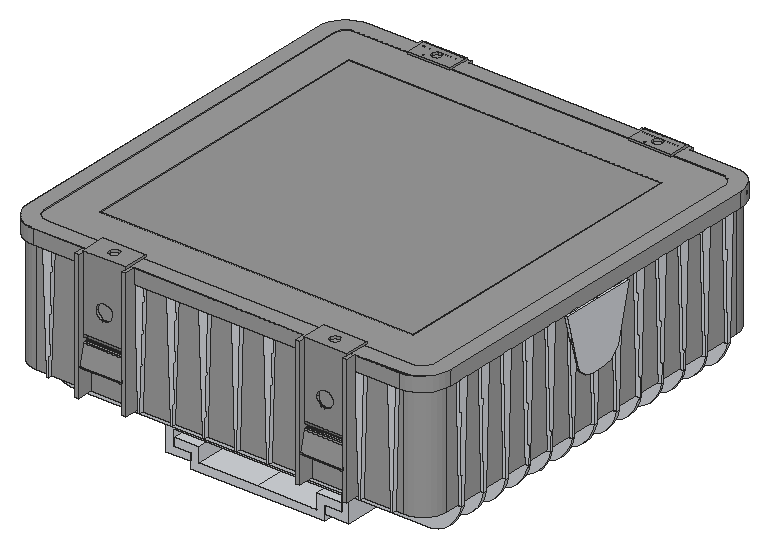
Revit family "BL726LEDHT - 2015", category Lighting Fixtures, host Face, Revit 2017 (continued)
Definition of nested family "BOX MIDI"
  Definition of nested family "LED BOARD"
    Forms (in)
      Extrusion 72, solid, material <- "LED CHIP"
        sketch origin (2.68304, 0.26805, 0) x (1, 0, 0) y (0, 1, 0)
          loop
            line (-3.31571, 0.06163) -> (-3.31571, -0.05781) -> (-3.18632, -0.05781) -> (-3.18632, 0.06163) -> (-3.31571, 0.06163)
        from 6.75806 to 6.78035
      Extrusion 73, solid, material <- "LED CHIP"
        sketch origin (2.68304, -0.26805, 0) x (1, 0, 0) y (0, 1, 0)
          loop
            line (-3.31571, -0.06163) -> (-3.18632, -0.06163) -> (-3.18632, 0.05781) -> (-3.31571, 0.05781) -> (-3.31571, -0.06163)
        from 6.75806 to 6.78035
      Extrusion 74, solid, material <- "LED CHIP"
        sketch origin (2.91023, 0, 0) x (1, 0, 0) y (0, 1, 0)
          loop
            line (-3.31571, 0.06163) -> (-3.31571, -0.05781) -> (-3.18632, -0.05781) -> (-3.18632, 0.06163) -> (-3.31571, 0.06163)
        from 6.75806 to 6.78035
      Extrusion 75, solid, material <- "LED CHIP"
        sketch origin (2.91023, 0.26805, 0) x (1, 0, 0) y (0, 1, 0)
          loop
            line (-3.31571, 0.06163) -> (-3.31571, -0.05781) -> (-3.18632, -0.05781) -> (-3.18632, 0.06163) -> (-3.31571, 0.06163)
        from 6.75806 to 6.78035
      Extrusion 76, solid, material <- "LED CHIP"
        sketch origin (2.91023, -0.26805, 0) x (1, 0, 0) y (0, 1, 0)
          loop
            line (-3.31571, -0.06163) -> (-3.18632, -0.06163) -> (-3.18632, 0.05781) -> (-3.31571, 0.05781) -> (-3.31571, -0.06163)
        from 6.75806 to 6.78035
      Extrusion 77, solid, material <- "LED CHIP"
        sketch origin (3.13742, 0, 0) x (1, 0, 0) y (0, 1, 0)
          loop
            line (-3.31571, 0.06163) -> (-3.31571, -0.05781) -> (-3.18632, -0.05781) -> (-3.18632, 0.06163) -> (-3.31571, 0.06163)
        from 6.75806 to 6.78035
      Extrusion 78, solid, material <- "LED CHIP"
        sketch origin (3.13742, 0.26805, 0) x (1, 0, 0) y (0, 1, 0)
          loop
            line (-3.31571, 0.06163) -> (-3.31571, -0.05781) -> (-3.18632, -0.05781) -> (-3.18632, 0.06163) -> (-3.31571, 0.06163)
        from 6.75806 to 6.78035
      Extrusion 79, solid, material <- "LED CHIP"
        sketch origin (3.13742, -0.26805, 0) x (1, 0, 0) y (0, 1, 0)
          loop
            line (-3.31571, -0.06163) -> (-3.18632, -0.06163) -> (-3.18632, 0.05781) -> (-3.31571, 0.05781) -> (-3.31571, -0.06163)
        from 6.75806 to 6.78035
      Extrusion 80, solid, material <- "LED CHIP"
        sketch origin (3.36461, 0, 0) x (1, 0, 0) y (0, 1, 0)
          loop
            line (-3.31571, 0.06163) -> (-3.31571, -0.05781) -> (-3.18632, -0.05781) -> (-3.18632, 0.06163) -> (-3.31571, 0.06163)
        from 6.75806 to 6.78035
      Extrusion 81, solid, material <- "LED CHIP"
        sketch origin (3.36461, 0.26805, 0) x (1, 0, 0) y (0, 1, 0)
          loop
            line (-3.31571, 0.06163) -> (-3.31571, -0.05781) -> (-3.18632, -0.05781) -> (-3.18632, 0.06163) -> (-3.31571, 0.06163)
        from 6.75806 to 6.78035
      Extrusion 82, solid, material <- "LED CHIP"
        sketch origin (3.36461, -0.26805, 0) x (1, 0, 0) y (0, 1, 0)
          loop
            line (-3.31571, -0.06163) -> (-3.18632, -0.06163) -> (-3.18632, 0.05781) -> (-3.31571, 0.05781) -> (-3.31571, -0.06163)
        from 6.75806 to 6.78035
      Extrusion 83, solid, material <- "LED CHIP"
        sketch origin (3.5918, 0, 0) x (1, 0, 0) y (0, 1, 0)
          loop
            line (-3.31571, 0.06163) -> (-3.31571, -0.05781) -> (-3.18632, -0.05781) -> (-3.18632, 0.06163) -> (-3.31571, 0.06163)
        from 6.75806 to 6.78035
      Extrusion 84, solid, material <- "LED CHIP"
        sketch origin (3.5918, 0.26805, 0) x (1, 0, 0) y (0, 1, 0)
          loop
            line (-3.31571, 0.06163) -> (-3.31571, -0.05781) -> (-3.18632, -0.05781) -> (-3.18632, 0.06163) -> (-3.31571, 0.06163)
        from 6.75806 to 6.78035
      Extrusion 85, solid, material <- "LED CHIP"
        sketch origin (3.5918, -0.26805, 0) x (1, 0, 0) y (0, 1, 0)
          loop
            line (-3.31571, -0.06163) -> (-3.18632, -0.06163) -> (-3.18632, 0.05781) -> (-3.31571, 0.05781) -> (-3.31571, -0.06163)
        from 6.75806 to 6.78035
      Extrusion 86, solid, material <- "LED CHIP"
        sketch origin (3.819, 0, 0) x (1, 0, 0) y (0, 1, 0)
          loop
            line (-3.31571, 0.06163) -> (-3.31571, -0.05781) -> (-3.18632, -0.05781) -> (-3.18632, 0.06163) -> (-3.31571, 0.06163)
        from 6.75806 to 6.78035
      Extrusion 87, solid, material <- "LED CHIP"
        sketch origin (3.819, 0.26805, 0) x (1, 0, 0) y (0, 1, 0)
          loop
            line (-3.31571, 0.06163) -> (-3.31571, -0.05781) -> (-3.18632, -0.05781) -> (-3.18632, 0.06163) -> (-3.31571, 0.06163)
        from 6.75806 to 6.78035
      Extrusion 88, solid, material <- "LED CHIP"
        sketch origin (3.819, -0.26805, 0) x (1, 0, 0) y (0, 1, 0)
          loop
            line (-3.31571, -0.06163) -> (-3.18632, -0.06163) -> (-3.18632, 0.05781) -> (-3.31571, 0.05781) -> (-3.31571, -0.06163)
        from 6.75806 to 6.78035
      Extrusion 89, solid, material <- "LED CHIP"
        sketch origin (4.04619, 0, 0) x (1, 0, 0) y (0, 1, 0)
          loop
            line (-3.31571, 0.06163) -> (-3.31571, -0.05781) -> (-3.18632, -0.05781) -> (-3.18632, 0.06163) -> (-3.31571, 0.06163)
        from 6.75806 to 6.78035
      Extrusion 90, solid, material <- "LED CHIP"
        sketch origin (4.04619, 0.26805, 0) x (1, 0, 0) y (0, 1, 0)
          loop
            line (-3.31571, 0.06163) -> (-3.31571, -0.05781) -> (-3.18632, -0.05781) -> (-3.18632, 0.06163) -> (-3.31571, 0.06163)
        from 6.75806 to 6.78035
      Extrusion 91, solid, material <- "LED CHIP"
        sketch origin (4.04619, -0.26805, 0) x (1, 0, 0) y (0, 1, 0)
          loop
            line (-3.31571, -0.06163) -> (-3.18632, -0.06163) -> (-3.18632, 0.05781) -> (-3.31571, 0.05781) -> (-3.31571, -0.06163)
        from 6.75806 to 6.78035
      Extrusion 92, solid, material <- "LED CHIP"
        sketch origin (4.27338, 0, 0) x (1, 0, 0) y (0, 1, 0)
          loop
            line (-3.31571, 0.06163) -> (-3.31571, -0.05781) -> (-3.18632, -0.05781) -> (-3.18632, 0.06163) -> (-3.31571, 0.06163)
        from 6.75806 to 6.78035
      Extrusion 93, solid, material <- "LED CHIP"
        sketch origin (4.27338, 0.26805, 0) x (1, 0, 0) y (0, 1, 0)
          loop
            line (-3.31571, 0.06163) -> (-3.31571, -0.05781) -> (-3.18632, -0.05781) -> (-3.18632, 0.06163) -> (-3.31571, 0.06163)
        from 6.75806 to 6.78035
      Extrusion 94, solid, material <- "LED CHIP"
        sketch origin (4.27338, -0.26805, 0) x (1, 0, 0) y (0, 1, 0)
          loop
            line (-3.31571, -0.06163) -> (-3.18632, -0.06163) -> (-3.18632, 0.05781) -> (-3.31571, 0.05781) -> (-3.31571, -0.06163)
        from 6.75806 to 6.78035
      Extrusion 95, solid, material <- "LED CHIP"
        sketch origin (4.50057, 0, 0) x (1, 0, 0) y (0, 1, 0)
          loop
            line (-3.31571, 0.06163) -> (-3.31571, -0.05781) -> (-3.18632, -0.05781) -> (-3.18632, 0.06163) -> (-3.31571, 0.06163)
        from 6.75806 to 6.78035
      Extrusion 96, solid, material <- "LED CHIP"
        sketch origin (4.50057, 0.26805, 0) x (1, 0, 0) y (0, 1, 0)
          loop
            line (-3.31571, 0.06163) -> (-3.31571, -0.05781) -> (-3.18632, -0.05781) -> (-3.18632, 0.06163) -> (-3.31571, 0.06163)
        from 6.75806 to 6.78035
      Extrusion 97, solid, material <- "LED CHIP"
        sketch origin (4.50057, -0.26805, 0) x (1, 0, 0) y (0, 1, 0)
          loop
            line (-3.31571, -0.06163) -> (-3.18632, -0.06163) -> (-3.18632, 0.05781) -> (-3.31571, 0.05781) -> (-3.31571, -0.06163)
        from 6.75806 to 6.78035
      Extrusion 98, solid, material <- "LED CHIP"
        sketch origin (4.72776, 0, 0) x (1, 0, 0) y (0, 1, 0)
          loop
            line (-3.31571, 0.06163) -> (-3.31571, -0.05781) -> (-3.18632, -0.05781) -> (-3.18632, 0.06163) -> (-3.31571, 0.06163)
        from 6.75806 to 6.78035
      Extrusion 99, solid, material <- "LED CHIP"
        sketch origin (4.72776, 0.26805, 0) x (1, 0, 0) y (0, 1, 0)
          loop
            line (-3.31571, 0.06163) -> (-3.31571, -0.05781) -> (-3.18632, -0.05781) -> (-3.18632, 0.06163) -> (-3.31571, 0.06163)
        from 6.75806 to 6.78035
      Extrusion 100, solid, material <- "LED CHIP"
        sketch origin (4.72776, -0.26805, 0) x (1, 0, 0) y (0, 1, 0)
          loop
            line (-3.31571, -0.06163) -> (-3.18632, -0.06163) -> (-3.18632, 0.05781) -> (-3.31571, 0.05781) -> (-3.31571, -0.06163)
        from 6.75806 to 6.78035
      Extrusion 101, solid, material <- "LED CHIP"
        sketch origin (4.95496, 0, 0) x (1, 0, 0) y (0, 1, 0)
          loop
            line (-3.31571, 0.06163) -> (-3.31571, -0.05781) -> (-3.18632, -0.05781) -> (-3.18632, 0.06163) -> (-3.31571, 0.06163)
        from 6.75806 to 6.78035
      Extrusion 102, solid, material <- "LED CHIP"
        sketch origin (4.95496, 0.26805, 0) x (1, 0, 0) y (0, 1, 0)
          loop
            line (-3.31571, 0.06163) -> (-3.31571, -0.05781) -> (-3.18632, -0.05781) -> (-3.18632, 0.06163) -> (-3.31571, 0.06163)
        from 6.75806 to 6.78035
      Extrusion 103, solid, material <- "LED CHIP"
        sketch origin (4.95496, -0.26805, 0) x (1, 0, 0) y (0, 1, 0)
          loop
            line (-3.31571, -0.06163) -> (-3.18632, -0.06163) -> (-3.18632, 0.05781) -> (-3.31571, 0.05781) -> (-3.31571, -0.06163)
        from 6.75806 to 6.78035
      Extrusion 104, solid, material <- "LED CHIP"
        sketch origin (5.18215, 0, 0) x (1, 0, 0) y (0, 1, 0)
          loop
            line (-3.31571, 0.06163) -> (-3.31571, -0.05781) -> (-3.18632, -0.05781) -> (-3.18632, 0.06163) -> (-3.31571, 0.06163)
        from 6.75806 to 6.78035
      Extrusion 105, solid, material <- "LED CHIP"
        sketch origin (5.18215, 0.26805, 0) x (1, 0, 0) y (0, 1, 0)
          loop
            line (-3.31571, 0.06163) -> (-3.31571, -0.05781) -> (-3.18632, -0.05781) -> (-3.18632, 0.06163) -> (-3.31571, 0.06163)
        from 6.75806 to 6.78035
      Extrusion 106, solid, material <- "LED CHIP"
        sketch origin (5.18215, -0.26805, 0) x (1, 0, 0) y (0, 1, 0)
          loop
            line (-3.31571, -0.06163) -> (-3.18632, -0.06163) -> (-3.18632, 0.05781) -> (-3.31571, 0.05781) -> (-3.31571, -0.06163)
        from 6.75806 to 6.78035
      Extrusion 107, solid, material <- "LED CHIP"
        sketch origin (5.40934, 0, 0) x (1, 0, 0) y (0, 1, 0)
          loop
            line (-3.31571, 0.06163) -> (-3.31571, -0.05781) -> (-3.18632, -0.05781) -> (-3.18632, 0.06163) -> (-3.31571, 0.06163)
        from 6.75806 to 6.78035
      Extrusion 108, solid, material <- "LED CHIP"
        sketch origin (5.40934, 0.26805, 0) x (1, 0, 0) y (0, 1, 0)
          loop
            line (-3.31571, 0.06163) -> (-3.31571, -0.05781) -> (-3.18632, -0.05781) -> (-3.18632, 0.06163) -> (-3.31571, 0.06163)
        from 6.75806 to 6.78035
      Extrusion 109, solid, material <- "LED CHIP"
        sketch origin (5.40934, -0.26805, 0) x (1, 0, 0) y (0, 1, 0)
          loop
            line (-3.31571, -0.06163) -> (-3.18632, -0.06163) -> (-3.18632, 0.05781) -> (-3.31571, 0.05781) -> (-3.31571, -0.06163)
        from 6.75806 to 6.78035
      Extrusion 110, solid, material <- "LED CHIP"
        sketch origin (5.63653, 0, 0) x (1, 0, 0) y (0, 1, 0)
          loop
            line (-3.31571, 0.06163) -> (-3.31571, -0.05781) -> (-3.18632, -0.05781) -> (-3.18632, 0.06163) -> (-3.31571, 0.06163)
        from 6.75806 to 6.78035
      Extrusion 111, solid, material <- "LED CHIP"
        sketch origin (5.63653, 0.26805, 0) x (1, 0, 0) y (0, 1, 0)
          loop
            line (-3.31571, 0.06163) -> (-3.31571, -0.05781) -> (-3.18632, -0.05781) -> (-3.18632, 0.06163) -> (-3.31571, 0.06163)
        from 6.75806 to 6.78035
      Extrusion 112, solid, material <- "LED CHIP"
        sketch origin (5.63653, -0.26805, 0) x (1, 0, 0) y (0, 1, 0)
          loop
            line (-3.31571, -0.06163) -> (-3.18632, -0.06163) -> (-3.18632, 0.05781) -> (-3.31571, 0.05781) -> (-3.31571, -0.06163)
        from 6.75806 to 6.78035
      Extrusion 113, solid, material <- "LED CHIP"
        sketch origin (5.86373, 0, 0) x (1, 0, 0) y (0, 1, 0)
          loop
            line (-3.31571, 0.06163) -> (-3.31571, -0.05781) -> (-3.18632, -0.05781) -> (-3.18632, 0.06163) -> (-3.31571, 0.06163)
        from 6.75806 to 6.78035
      Extrusion 114, solid, material <- "LED CHIP"
        sketch origin (5.86373, 0.26805, 0) x (1, 0, 0) y (0, 1, 0)
          loop
            line (-3.31571, 0.06163) -> (-3.31571, -0.05781) -> (-3.18632, -0.05781) -> (-3.18632, 0.06163) -> (-3.31571, 0.06163)
        from 6.75806 to 6.78035
      Extrusion 115, solid, material <- "LED CHIP"
        sketch origin (5.86373, -0.26805, 0) x (1, 0, 0) y (0, 1, 0)
          loop
            line (-3.31571, -0.06163) -> (-3.18632, -0.06163) -> (-3.18632, 0.05781) -> (-3.31571, 0.05781) -> (-3.31571, -0.06163)
        from 6.75806 to 6.78035
      Extrusion 116, solid, material <- "LED CHIP"
        sketch origin (6.09092, 0, 0) x (1, 0, 0) y (0, 1, 0)
          loop
            line (-3.31571, 0.06163) -> (-3.31571, -0.05781) -> (-3.18632, -0.05781) -> (-3.18632, 0.06163) -> (-3.31571, 0.06163)
        from 6.75806 to 6.78035
      Extrusion 117, solid, material <- "LED CHIP"
        sketch origin (6.09092, 0.26805, 0) x (1, 0, 0) y (0, 1, 0)
          loop
            line (-3.31571, 0.06163) -> (-3.31571, -0.05781) -> (-3.18632, -0.05781) -> (-3.18632, 0.06163) -> (-3.31571, 0.06163)
        from 6.75806 to 6.78035
      Extrusion 118, solid, material <- "LED CHIP"
        sketch origin (6.09092, -0.26805, 0) x (1, 0, 0) y (0, 1, 0)
          loop
            line (-3.31571, -0.06163) -> (-3.18632, -0.06163) -> (-3.18632, 0.05781) -> (-3.31571, 0.05781) -> (-3.31571, -0.06163)
        from 6.75806 to 6.78035
      Extrusion 119, solid, material <- "LED CHIP"
        sketch origin (6.31811, 0, 0) x (1, 0, 0) y (0, 1, 0)
          loop
            line (-3.31571, 0.06163) -> (-3.31571, -0.05781) -> (-3.18632, -0.05781) -> (-3.18632, 0.06163) -> (-3.31571, 0.06163)
        from 6.75806 to 6.78035
      Extrusion 120, solid, material <- "LED CHIP"
        sketch origin (6.31811, 0.26805, 0) x (1, 0, 0) y (0, 1, 0)
          loop
            line (-3.31571, 0.06163) -> (-3.31571, -0.05781) -> (-3.18632, -0.05781) -> (-3.18632, 0.06163) -> (-3.31571, 0.06163)
        from 6.75806 to 6.78035
      Extrusion 121, solid, material <- "LED CHIP"
        sketch origin (6.31811, -0.26805, 0) x (1, 0, 0) y (0, 1, 0)
          loop
            line (-3.31571, -0.06163) -> (-3.18632, -0.06163) -> (-3.18632, 0.05781) -> (-3.31571, 0.05781) -> (-3.31571, -0.06163)
        from 6.75806 to 6.78035
      Extrusion 122, solid, material <- "LED CHIP"
        sketch origin (6.5453, 0, 0) x (1, 0, 0) y (0, 1, 0)
          loop
            line (-3.31571, 0.06163) -> (-3.31571, -0.05781) -> (-3.18632, -0.05781) -> (-3.18632, 0.06163) -> (-3.31571, 0.06163)
        from 6.75806 to 6.78035
      Extrusion 123, solid, material <- "LED CHIP"
        sketch origin (6.5453, 0.26805, 0) x (1, 0, 0) y (0, 1, 0)
          loop
            line (-3.31571, 0.06163) -> (-3.31571, -0.05781) -> (-3.18632, -0.05781) -> (-3.18632, 0.06163) -> (-3.31571, 0.06163)
        from 6.75806 to 6.78035
      Extrusion 124, solid, material <- "LED CHIP"
        sketch origin (6.5453, -0.26805, 0) x (1, 0, 0) y (0, 1, 0)
          loop
            line (-3.31571, -0.06163) -> (-3.18632, -0.06163) -> (-3.18632, 0.05781) -> (-3.31571, 0.05781) -> (-3.31571, -0.06163)
        from 6.75806 to 6.78035
      Extrusion 125, solid, material <- "LED CHIP"
        sketch origin (6.77249, 0, 0) x (1, 0, 0) y (0, 1, 0)
          loop
            line (-3.31571, 0.06163) -> (-3.31571, -0.05781) -> (-3.18632, -0.05781) -> (-3.18632, 0.06163) -> (-3.31571, 0.06163)
        from 6.75806 to 6.78035
      Extrusion 126, solid, material <- "LED CHIP"
        sketch origin (6.77249, 0.26805, 0) x (1, 0, 0) y (0, 1, 0)
          loop
            line (-3.31571, 0.06163) -> (-3.31571, -0.05781) -> (-3.18632, -0.05781) -> (-3.18632, 0.06163) -> (-3.31571, 0.06163)
        from 6.75806 to 6.78035
      Extrusion 127, solid, material <- "LED CHIP"
        sketch origin (6.77249, -0.26805, 0) x (1, 0, 0) y (0, 1, 0)
          loop
            line (-3.31571, -0.06163) -> (-3.18632, -0.06163) -> (-3.18632, 0.05781) -> (-3.31571, 0.05781) -> (-3.31571, -0.06163)
        from 6.75806 to 6.78035
      Extrusion 128, solid, material <- "LED CHIP"
        sketch origin (6.99969, 0, 0) x (1, 0, 0) y (0, 1, 0)
          loop
            line (-3.31571, 0.06163) -> (-3.31571, -0.05781) -> (-3.18632, -0.05781) -> (-3.18632, 0.06163) -> (-3.31571, 0.06163)
        from 6.75806 to 6.78035
      Extrusion 129, solid, material <- "LED CHIP"
        sketch origin (6.99969, 0.26805, 0) x (1, 0, 0) y (0, 1, 0)
          loop
            line (-3.31571, 0.06163) -> (-3.31571, -0.05781) -> (-3.18632, -0.05781) -> (-3.18632, 0.06163) -> (-3.31571, 0.06163)
        from 6.75806 to 6.78035
      Extrusion 130, solid, material <- "LED CHIP"
        sketch origin (6.99969, -0.26805, 0) x (1, 0, 0) y (0, 1, 0)
          loop
            line (-3.31571, -0.06163) -> (-3.18632, -0.06163) -> (-3.18632, 0.05781) -> (-3.31571, 0.05781) -> (-3.31571, -0.06163)
        from 6.75806 to 6.78035
      Extrusion 131, solid, material <- "LED CHIP"
        sketch origin (7.22688, 0, 0) x (1, 0, 0) y (0, 1, 0)
          loop
            line (-3.31571, 0.06163) -> (-3.31571, -0.05781) -> (-3.18632, -0.05781) -> (-3.18632, 0.06163) -> (-3.31571, 0.06163)
        from 6.75806 to 6.78035
      Extrusion 132, solid, material <- "LED CHIP"
        sketch origin (7.22688, 0.26805, 0) x (1, 0, 0) y (0, 1, 0)
          loop
            line (-3.31571, 0.06163) -> (-3.31571, -0.05781) -> (-3.18632, -0.05781) -> (-3.18632, 0.06163) -> (-3.31571, 0.06163)
        from 6.75806 to 6.78035
      Extrusion 133, solid, material <- "LED CHIP"
        sketch origin (7.22688, -0.26805, 0) x (1, 0, 0) y (0, 1, 0)
          loop
            line (-3.31571, -0.06163) -> (-3.18632, -0.06163) -> (-3.18632, 0.05781) -> (-3.31571, 0.05781) -> (-3.31571, -0.06163)
        from 6.75806 to 6.78035
      Extrusion 134, solid, material <- "LED CHIP"
        sketch origin (7.45407, 0, 0) x (1, 0, 0) y (0, 1, 0)
          loop
            line (-3.31571, 0.06163) -> (-3.31571, -0.05781) -> (-3.18632, -0.05781) -> (-3.18632, 0.06163) -> (-3.31571, 0.06163)
        from 6.75806 to 6.78035
      Extrusion 135, solid, material <- "LED CHIP"
        sketch origin (7.45407, 0.26805, 0) x (1, 0, 0) y (0, 1, 0)
          loop
            line (-3.31571, 0.06163) -> (-3.31571, -0.05781) -> (-3.18632, -0.05781) -> (-3.18632, 0.06163) -> (-3.31571, 0.06163)
        from 6.75806 to 6.78035
      Extrusion 136, solid, material <- "LED CHIP"
        sketch origin (7.45407, -0.26805, 0) x (1, 0, 0) y (0, 1, 0)
          loop
            line (-3.31571, -0.06163) -> (-3.18632, -0.06163) -> (-3.18632, 0.05781) -> (-3.31571, 0.05781) -> (-3.31571, -0.06163)
        from 6.75806 to 6.78035
      Extrusion 137, solid, material <- "LED CHIP"
        sketch origin (7.68126, 0, 0) x (1, 0, 0) y (0, 1, 0)
          loop
            line (-3.31571, 0.06163) -> (-3.31571, -0.05781) -> (-3.18632, -0.05781) -> (-3.18632, 0.06163) -> (-3.31571, 0.06163)
        from 6.75806 to 6.78035
      Extrusion 138, solid, material <- "LED CHIP"
        sketch origin (7.68126, 0.26805, 0) x (1, 0, 0) y (0, 1, 0)
          loop
            line (-3.31571, 0.06163) -> (-3.31571, -0.05781) -> (-3.18632, -0.05781) -> (-3.18632, 0.06163) -> (-3.31571, 0.06163)
        from 6.75806 to 6.78035
      Extrusion 139, solid, material <- "LED CHIP"
        sketch origin (7.68126, -0.26805, 0) x (1, 0, 0) y (0, 1, 0)
          loop
            line (-3.31571, -0.06163) -> (-3.18632, -0.06163) -> (-3.18632, 0.05781) -> (-3.31571, 0.05781) -> (-3.31571, -0.06163)
        from 6.75806 to 6.78035
      Extrusion 140, solid, material <- "LED CHIP"
        sketch origin (7.90845, 0, 0) x (1, 0, 0) y (0, 1, 0)
          loop
            line (-3.31571, 0.06163) -> (-3.31571, -0.05781) -> (-3.18632, -0.05781) -> (-3.18632, 0.06163) -> (-3.31571, 0.06163)
        from 6.75806 to 6.78035
      Extrusion 141, solid, material <- "LED CHIP"
        sketch origin (7.90845, 0.26805, 0) x (1, 0, 0) y (0, 1, 0)
          loop
            line (-3.31571, 0.06163) -> (-3.31571, -0.05781) -> (-3.18632, -0.05781) -> (-3.18632, 0.06163) -> (-3.31571, 0.06163)
        from 6.75806 to 6.78035
      Extrusion 142, solid, material <- "LED CHIP"
        sketch origin (7.90845, -0.26805, 0) x (1, 0, 0) y (0, 1, 0)
          loop
            line (-3.31571, -0.06163) -> (-3.18632, -0.06163) -> (-3.18632, 0.05781) -> (-3.31571, 0.05781) -> (-3.31571, -0.06163)
        from 6.75806 to 6.78035
      Extrusion 143, solid, material <- "LED CHIP"
        sketch origin (8.13565, 0, 0) x (1, 0, 0) y (0, 1, 0)
          loop
            line (-3.31571, 0.06163) -> (-3.31571, -0.05781) -> (-3.18632, -0.05781) -> (-3.18632, 0.06163) -> (-3.31571, 0.06163)
        from 6.75806 to 6.78035
      Extrusion 144, solid, material <- "LED CHIP"
        sketch origin (8.13565, 0.26805, 0) x (1, 0, 0) y (0, 1, 0)
          loop
            line (-3.31571, 0.06163) -> (-3.31571, -0.05781) -> (-3.18632, -0.05781) -> (-3.18632, 0.06163) -> (-3.31571, 0.06163)
        from 6.75806 to 6.78035
      Extrusion 145, solid, material <- "LED CHIP"
        sketch origin (8.13565, -0.26805, 0) x (1, 0, 0) y (0, 1, 0)
          loop
            line (-3.31571, -0.06163) -> (-3.18632, -0.06163) -> (-3.18632, 0.05781) -> (-3.31571, 0.05781) -> (-3.31571, -0.06163)
        from 6.75806 to 6.78035
      Extrusion 146, solid, material <- "LED CHIP"
        sketch origin (8.36284, 0, 0) x (1, 0, 0) y (0, 1, 0)
          loop
            line (-3.31571, 0.06163) -> (-3.31571, -0.05781) -> (-3.18632, -0.05781) -> (-3.18632, 0.06163) -> (-3.31571, 0.06163)
        from 6.75806 to 6.78035
      Extrusion 147, solid, material <- "LED CHIP"
        sketch origin (8.36284, 0.26805, 0) x (1, 0, 0) y (0, 1, 0)
          loop
            line (-3.31571, 0.06163) -> (-3.31571, -0.05781) -> (-3.18632, -0.05781) -> (-3.18632, 0.06163) -> (-3.31571, 0.06163)
        from 6.75806 to 6.78035
      Extrusion 148, solid, material <- "LED CHIP"
        sketch origin (8.36284, -0.26805, 0) x (1, 0, 0) y (0, 1, 0)
          loop
            line (-3.31571, -0.06163) -> (-3.18632, -0.06163) -> (-3.18632, 0.05781) -> (-3.31571, 0.05781) -> (-3.31571, -0.06163)
        from 6.75806 to 6.78035
      Extrusion 149, solid, material <- "LED CHIP"
        sketch origin (8.59003, 0, 0) x (1, 0, 0) y (0, 1, 0)
          loop
            line (-3.31571, 0.06163) -> (-3.31571, -0.05781) -> (-3.18632, -0.05781) -> (-3.18632, 0.06163) -> (-3.31571, 0.06163)
        from 6.75806 to 6.78035
      Extrusion 150, solid, material <- "LED CHIP"
        sketch origin (8.59003, 0.26805, 0) x (1, 0, 0) y (0, 1, 0)
          loop
            line (-3.31571, 0.06163) -> (-3.31571, -0.05781) -> (-3.18632, -0.05781) -> (-3.18632, 0.06163) -> (-3.31571, 0.06163)
        from 6.75806 to 6.78035
      Extrusion 151, solid, material <- "LED CHIP"
        sketch origin (8.59003, -0.26805, 0) x (1, 0, 0) y (0, 1, 0)
          loop
            line (-3.31571, -0.06163) -> (-3.18632, -0.06163) -> (-3.18632, 0.05781) -> (-3.31571, 0.05781) -> (-3.31571, -0.06163)
        from 6.75806 to 6.78035
    Lines and regions (in)
      reference lines
        curve 1: line (-5.89844, 6.44846, 0) -> (5.89844, 6.44846, 0)
    Dimensions and locks (in)
      equal spacing: group 1, group 3, group 4, group 5, group 6, group 7, group 8, group 9, group 10, group 11, group 12, group 13, group 14, group 15, group 16, group 17, group 18, group 19, group 20, group 21, group 22, group 23, group 24, group 25, group 26, group 27, group 28, group 29, group 30, group 31, group 32, group 33, group 34, group 35, group 36, group 37, group 38, group 39, group 40, group 41, group 42, group 43, group 44, group 45, group 46, group 47, group 48, group 49, group 50, group 2  (x3)
      aligned and locked: plane 2 to level
Types (7): name | Wattage Comments | Wattage | Photometric Web File | built-in parameter 1150105 | Lumens | built-in parameter 1150106 | built-in parameter 1150104
  (no name) | "70W" | 70 W | "BL726LEDHTMOWT40120-277V TO REVIT.ies" | 4251.9 (stored number, unit not read) | 8750 lm | 42.519 (stored number, unit not read) | 11.613 (stored number, unit not read)
  BL736LEDHTHOWT40ASY120-277V | "90W" | 90 W | "BL726LEDHTHOASYWT40120-277V TO REVIT.ies" | 880.92 (stored number, unit not read) | 11070 lm | 8.8092 (stored number, unit not read) | 11.427 (stored number, unit not read)
  BL736LEDHTHOWT40120-277V | "90W" | 90 W | "BL726LEDHTHOWT40120-277V TO REVIT.ies" | 895.25 (stored number, unit not read) | 11250 lm | 8.9525 (stored number, unit not read) | 11.613 (stored number, unit not read)
  BL736LEDHTLOWT40120-277V | "50W" | 50 W | "BL726LEDHTLOWT40120-277V TO REVIT.ies" | 2955 (stored number, unit not read) | 6250 lm | 29.55 (stored number, unit not read) | 11.613 (stored number, unit not read)
  BL736LEDHTLOWT40ASY120-277V | "50W" | 50 W | "BL726LEDHTLOASYWT40120-277V TO REVIT.ies" | 3012.8 (stored number, unit not read) | 6200 lm | 30.128 (stored number, unit not read) | 11.52 (stored number, unit not read)
  BL736LEDHTMOWT40ASY120-277V | "70W" | 70 W | "BL726LEDHTMOASYWT40120-277V TO REVIT.ies" | 7283.2 (stored number, unit not read) | 8540 lm | 72.832 (stored number, unit not read) | 11.334 (stored number, unit not read)
  BL736LEDHTMOWT40120-277V | "70W" | 70 W | "BL726LEDHTMOWT40120-277V TO REVIT.ies" | 4251.9 (stored number, unit not read) | 8750 lm | 42.519 (stored number, unit not read) | 11.613 (stored number, unit not read)
